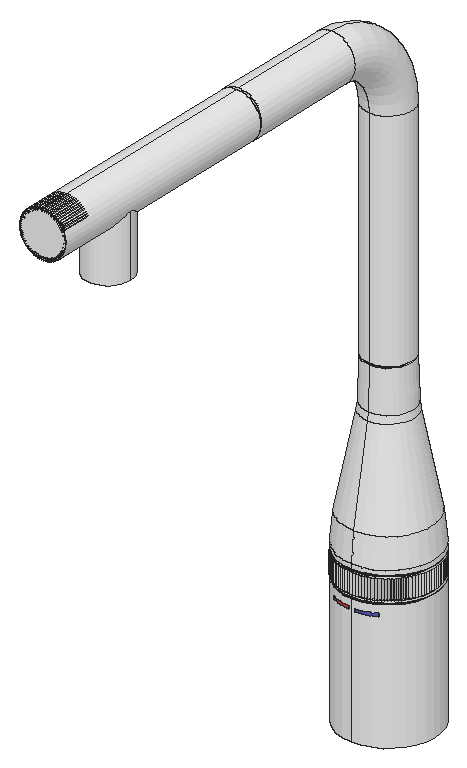
Revit family "xxxFaucet-Kitchen-Grohe-Essence_New-31616_Series", category Plumbing Fixtures, Revit 2019
Family settings
  Round Connector Dimension = Use Diameter
  Part Type = Normal
  OmniClass Number = 23.45.55.14
  OmniClass Title = Single Faucets
  Work Plane-Based = Yes
  Always vertical = No
  Cut with Voids When Loaded = No
  Shared = Yes
  Room Calculation Point = No
Parameters (values of type "31616000")
  Waste Connection = no
  WFU = 2
  Vent Connection = no
  URL = "https://www.grohe.us/"
  Tempered Water Connection Diameter = 3/8"
  Tempered Water Connection = yes
  Revised Date = "03/02/2022"
  Product Page URL = "https://www.grohe.us/Single-Hole-Pull-Out-Faucets/SmartControl-Pull-Out-Single-Spray-Kitchen-Faucet-175-GPM/GROHE-CHROME-31616000"
  Product Documentation Link = "https://americanstandard.box.com/shared/static/coadbt7qhsbrymx419qrn1u3vzcyir2x.pdf"
  Price = "Prices may vary. Please consult Manufacturer Representative for most up-to-date price list."  # constant formula
  Model = "31616000"
  Min Max. Operating Pressure = "7.25 psi - 145 psi"
  Max. Hot Water Temp. = "158 °F"
  Material = "Metal-Grohe-000-Starlight Chrome"
  Manufacturer = "Grohe"
  Length- Spout Reach = 7 13/16"
  Installation Type = "Deck-Mounted"
  Installation Instruction Link = "https://americanstandard.box.com/shared/static/sw0povo1oddw9tx6tvollq6vrgyrc0bi.jpg"
  Height- Spout = 12 3/8"
  Height = 14 7/16"
  HWFU = 1.5
  HW Connection = no
  Flow Rate = "1.75 gpm (6.6 L/min)"  # constant formula
  Finish = Metal-Grohe-000-Starlight Chrome
  Description = "SmartControl Pull-out Single Spray Kitchen Faucet 1.75 GPM"
  Default Elevation = 0"
  Creation Date = "03/10/2020"  # constant formula
  Compliance Certifications = "CEC Certified, Low Lead Certified, CALGreen Compliant, Energy Policy Act of 1992, NSF 61, NSF 372, CSA B125.1, ASME A112.18.1 & Complies with lead plumbing laws"
  CWFU = 1.5
  CW Connection = no
  Assembly Code = "D2020300"
Types (3): name | Model | Material | Finish
  (no name) | "31616000" | "Metal-Grohe-000-Starlight Chrome" | Metal-Grohe-000-Starlight Chrome
  31616000 | "31616000" | "Metal-Grohe-000-Starlight Chrome" | Metal-Grohe-000-Starlight Chrome
  31616DC0 | "31616DC0" | "Metal-Grohe-DC0-SuperSteel Infinity Finish" | Metal-Grohe-DC0-SuperSteel Infinity Finish
Reference planes (in)
  plane 1 "Center (Front/Back)": y = 0
  plane 2: z = 0
  plane 3 "Center (Left/Right)": x = 0
  plane 4: x = -0.94488
  plane 5: x = 0.94488
  plane 6: y = -7.8125
  plane 7: y = 1.03125
  plane 8: y = -1.03125
  plane 9: z = 12.375
  plane 10: z = 14.4375
Forms (in)
  Revolve 1, solid, material "Metal-Grohe-000-Starlight Chrome" <- "Finish"
    sketch origin (0, 0, 0) x (0, 1, 0) y (0, 0, 1)
      loop
        line (0, 0) -> (1.03125, 0) -> (1.03125, 2.86473) -> (0.99931, 2.86473) -> (0.99931, 2.89879) -> (1.03125, 2.89879) -> (1.03125, 2.94025) -> (0.679, 2.94025) -> (0.679, 3.39179) -> (1.03125, 3.39179) -> (1.03125, 3.42339) -> (0.99931, 3.42339) -> (0.99931, 3.45528) -> (1.03125, 3.45528) -> (1.03125, 3.5527)
        arc (1.03125, 3.5527) -> (1.01534, 3.87391) -> (0.96776, 4.19198) r 3.25
        line (0.96776, 4.19198) -> (0.56247, 6.21212)
        arc (0.56247, 6.21212) -> (0.54916, 6.29439) -> (0.54204, 6.37744) r 1.1114
        arc (0.54204, 6.37744) -> (0.5254, 6.83984) -> (0.51985, 7.3025) r 19.29288
        line (0.51985, 7.3025) -> (0.47358, 7.3025) -> (0.47358, 7.35375) -> (0, 7.35375) -> (0, 0)
      axis (0, 7.35375) -> (0, 0)
    angle from 0 to 360
  Sweep 2, solid, material "Metal-Grohe-000-Starlight Chrome" <- "Finish"
    path origin (0, 0, -0.11719) x (0, 1, 0) y (0, 0, 1)
      loop
        line (0, 7.45954) -> (0, 12.46035)
        arc (0, 12.46035) -> (-0.46125, 13.57391) -> (-1.5748, 14.03516) r 1.5748
        line (-1.5748, 14.03516) -> (-9.61932, 14.03516)
    profile origin (0, 0, 9.84276) x (0, -1, 0) y (1, 0, 0)
      loop
        circle (0, 0) r 0.51985
  Extrusion 3, solid, material "Metal-Grohe-000-Starlight Chrome" <- "Finish"
    sketch origin (0, 0, 0) x (1, 0, 0) y (0, 1, 0)
      loop
        circle (0, -7.8125) r 0.49586
    from 12.375 to 13.86818
  Extrusion 4, solid, material "Metal-Grohe-000-Starlight Chrome" <- "Finish"
    sketch origin (0, 0, -0.55368) x (1, 0, 0) y (0, 0, 1)
      loop
        line (-0.02298, 14.99118) -> (-0.0403, 14.92625) -> (-0.06877, 14.98712) -> (-0.08028, 14.92091) -> (-0.11402, 14.97903) -> (-0.11964, 14.91207) -> (-0.15838, 14.96697) -> (-0.15806, 14.89978) -> (-0.2015, 14.95105) -> (-0.19524, 14.88414) -> (-0.24304, 14.93138) -> (-0.2309, 14.86528) -> (-0.28268, 14.90811) -> (-0.26475, 14.84335) -> (-0.32012, 14.88143) -> (-0.29654, 14.81851) -> (-0.35505, 14.85155) -> (-0.326, 14.79096) -> (-0.3872, 14.81871) -> (-0.35292, 14.76091) -> (-0.41633, 14.78315) -> (-0.37707, 14.72861) -> (-0.4422, 14.74515) -> (-0.39828, 14.69429) -> (-0.46462, 14.70502) -> (-0.41637, 14.65824) -> (-0.4834, 14.66307) -> (-0.43121, 14.62073) -> (-0.4984, 14.61962) -> (-0.44268, 14.58206) -> (-0.50951, 14.57501) -> (-0.45069, 14.54252) -> (-0.51663, 14.5296) -> (-0.45517, 14.50243) -> (-0.51971, 14.48374) -> (-0.45609, 14.46211) -> (-0.51873, 14.43778) -> (-0.45345, 14.42185) -> (-0.5137, 14.39209) -> (-0.44726, 14.38199) -> (-0.50464, 14.34702) -> (-0.43758, 14.34284) -> (-0.49164, 14.30293) -> (-0.42447, 14.30469) -> (-0.44888, 14.2831) -> (-0.41637, 14.28544) -> (-0.46462, 14.23866) -> (-0.39828, 14.24938) -> (-0.4422, 14.19853) -> (-0.37707, 14.21507) -> (-0.41633, 14.16053) -> (-0.35292, 14.18276) -> (-0.3872, 14.12497) -> (-0.326, 14.15272) -> (-0.35505, 14.09212) -> (-0.29654, 14.12517) -> (-0.32012, 14.06224) -> (-0.26475, 14.10033) -> (-0.28268, 14.03557) -> (-0.2309, 14.07839) -> (-0.24304, 14.0123) -> (-0.19524, 14.05954) -> (-0.2015, 13.99263) -> (-0.15806, 14.0439) -> (-0.15838, 13.9767) -> (-0.11964, 14.03161) -> (-0.11402, 13.96465) -> (-0.08028, 14.02276) -> (-0.06877, 13.95656) -> (-0.0403, 14.01743) -> (-0.02298, 13.9525) -> (0, 14.01564) -> (0.02298, 13.9525) -> (0.0403, 14.01743) -> (0.06877, 13.95656) -> (0.08028, 14.02276) -> (0.11402, 13.96465) -> (0.11964, 14.03161) -> (0.15838, 13.9767) -> (0.15806, 14.0439) -> (0.2015, 13.99263) -> (0.19524, 14.05954) -> (0.24304, 14.0123) -> (0.2309, 14.07839) -> (0.28268, 14.03557) -> (0.26475, 14.10033) -> (0.32012, 14.06224) -> (0.29654, 14.12517) -> (0.35505, 14.09212) -> (0.326, 14.15272) -> (0.3872, 14.12497) -> (0.35292, 14.18276) -> (0.41633, 14.16053) -> (0.37707, 14.21507) -> (0.4422, 14.19853) -> (0.39828, 14.24938) -> (0.46462, 14.23866) -> (0.41637, 14.28544) -> (0.4834, 14.28061) -> (0.43121, 14.32295) -> (0.4984, 14.32406) -> (0.44268, 14.36162) -> (0.50951, 14.36867) -> (0.45069, 14.40116) -> (0.51663, 14.41408) -> (0.45517, 14.44124) -> (0.51971, 14.45994) -> (0.45609, 14.48157) -> (0.51873, 14.5059) -> (0.45345, 14.52182) -> (0.5137, 14.55159) -> (0.44726, 14.56168) -> (0.50464, 14.59665) -> (0.43758, 14.60084) -> (0.49164, 14.64074) -> (0.42447, 14.63899) -> (0.44888, 14.66058) -> (0.41637, 14.65824) -> (0.46462, 14.70502) -> (0.39828, 14.69429) -> (0.4422, 14.74515) -> (0.37707, 14.72861) -> (0.41633, 14.78315) -> (0.35292, 14.76091) -> (0.3872, 14.81871) -> (0.326, 14.79096) -> (0.35505, 14.85155) -> (0.29654, 14.81851) -> (0.32012, 14.88143) -> (0.26475, 14.84335) -> (0.28268, 14.90811) -> (0.2309, 14.86528) -> (0.24304, 14.93138) -> (0.19524, 14.88414) -> (0.2015, 14.95105) -> (0.15806, 14.89978) -> (0.15838, 14.96697) -> (0.11964, 14.91207) -> (0.11402, 14.97903) -> (0.08028, 14.92091) -> (0.06877, 14.98712) -> (0.0403, 14.92625) -> (0.02298, 14.99118) -> (0, 14.92803) -> (-0.02298, 14.99118)
    from 8.96818 to 9.62144
  Extrusion 5, solid, material "Metal-Grohe-000-Starlight Chrome" <- "Finish"
    sketch origin (0, 0, 0) x (1, 0, 0) y (0, 1, 0)
      loop
        line (-0.27303, 0.90788) -> (-0.32571, 0.97846) -> (-0.32558, 0.89039) -> (-0.38229, 0.95777) -> (-0.37702, 0.86986) -> (-0.43757, 0.93381) -> (-0.42717, 0.84636) -> (-0.49135, 0.90667) -> (-0.47586, 0.81997) -> (-0.54346, 0.87643) -> (-0.52293, 0.79079) -> (-0.59371, 0.8432) -> (-0.56822, 0.7589) -> (-0.64193, 0.80709) -> (-0.61156, 0.72443) -> (-0.68796, 0.76823) -> (-0.65282, 0.68748) -> (-0.73165, 0.72675) -> (-0.69185, 0.64818) -> (-0.77284, 0.68279) -> (-0.72852, 0.60668) -> (-0.81139, 0.63649) -> (-0.7627, 0.5631) -> (-0.84717, 0.58803) -> (-0.79428, 0.51761) -> (-0.86944, 0.53508) -> (-0.81997, 0.47586) -> (-0.90667, 0.49135) -> (-0.84636, 0.42717) -> (-0.93381, 0.43757) -> (-0.86986, 0.37702) -> (-0.95777, 0.38229) -> (-0.89039, 0.32558) -> (-0.97846, 0.32571) -> (-0.90788, 0.27303) -> (-0.99581, 0.26802) -> (-0.92228, 0.21955) -> (-1.00976, 0.20942) -> (-0.93352, 0.16532) -> (-1.02027, 0.1501) -> (-0.94159, 0.11053) -> (-1.02729, 0.09026) -> (-0.94643, 0.05536) -> (-1.03081, 0.03012) -> (-0.94805, 0) -> (-1.03081, -0.03012) -> (-0.94643, -0.05536) -> (-1.02729, -0.09026) -> (-0.94159, -0.11053) -> (-1.02027, -0.1501) -> (-0.93352, -0.16532) -> (-1.00976, -0.20942) -> (-0.92228, -0.21955) -> (-0.99581, -0.26802) -> (-0.90788, -0.27303) -> (-0.97846, -0.32571) -> (-0.89039, -0.32558) -> (-0.95777, -0.38229) -> (-0.86986, -0.37702) -> (-0.93381, -0.43757) -> (-0.84636, -0.42717) -> (-0.90667, -0.49135) -> (-0.81997, -0.47586) -> (-0.86944, -0.53508) -> (-0.79428, -0.51761) -> (-0.84717, -0.58803) -> (-0.7627, -0.5631) -> (-0.81139, -0.63649) -> (-0.72852, -0.60668) -> (-0.77284, -0.68279) -> (-0.69185, -0.64818) -> (-0.73165, -0.72675) -> (-0.65282, -0.68748) -> (-0.68796, -0.76823) -> (-0.61156, -0.72443) -> (-0.64193, -0.80709) -> (-0.56822, -0.7589) -> (-0.59371, -0.8432) -> (-0.52293, -0.79079) -> (-0.54346, -0.87643) -> (-0.47586, -0.81997) -> (-0.49135, -0.90667) -> (-0.42717, -0.84636) -> (-0.43757, -0.93381) -> (-0.37702, -0.86986) -> (-0.38229, -0.95777) -> (-0.32558, -0.89039) -> (-0.32571, -0.97846) -> (-0.27303, -0.90788) -> (-0.26802, -0.99581) -> (-0.21955, -0.92228) -> (-0.20942, -1.00976) -> (-0.16532, -0.93352) -> (-0.1501, -1.02027) -> (-0.11053, -0.94159) -> (-0.09026, -1.02729) -> (-0.05536, -0.94643) -> (-0.03012, -1.03081) -> (0, -0.94805) -> (0.03012, -1.03081) -> (0.05536, -0.94643) -> (0.09026, -1.02729) -> (0.11053, -0.94159) -> (0.1501, -1.02027) -> (0.16532, -0.93352) -> (0.20942, -1.00976) -> (0.21955, -0.92228) -> (0.26802, -0.99581) -> (0.27303, -0.90788) -> (0.32571, -0.97846) -> (0.32558, -0.89039) -> (0.38229, -0.95777) -> (0.37702, -0.86986) -> (0.43757, -0.93381) -> (0.42717, -0.84636) -> (0.49135, -0.90667) -> (0.47586, -0.81997) -> (0.54346, -0.87643) -> (0.52293, -0.79079) -> (0.59371, -0.8432) -> (0.56822, -0.7589) -> (0.64193, -0.80709) -> (0.61156, -0.72443) -> (0.68796, -0.76823) -> (0.65282, -0.68748) -> (0.73165, -0.72675) -> (0.69185, -0.64818) -> (0.77284, -0.68279) -> (0.72852, -0.60668) -> (0.81139, -0.63649) -> (0.7627, -0.5631) -> (0.84717, -0.58803) -> (0.79428, -0.51761) -> (0.86944, -0.53508) -> (0.81997, -0.47586) -> (0.90667, -0.49135) -> (0.84636, -0.42717) -> (0.93381, -0.43757) -> (0.86986, -0.37702) -> (0.95777, -0.38229) -> (0.89039, -0.32558) -> (0.97846, -0.32571) -> (0.90788, -0.27303) -> (0.99581, -0.26802) -> (0.92228, -0.21955) -> (1.00976, -0.20942) -> (0.93352, -0.16532) -> (1.02027, -0.1501) -> (0.94159, -0.11053) -> (1.02729, -0.09026) -> (0.94643, -0.05536) -> (1.03081, -0.03012) -> (0.94805, 0) -> (1.03081, 0.03012) -> (0.94643, 0.05536) -> (1.02729, 0.09026) -> (0.94159, 0.11053) -> (1.02027, 0.1501) -> (0.93352, 0.16532) -> (1.00976, 0.20942) -> (0.92228, 0.21955) -> (0.99581, 0.26802) -> (0.90788, 0.27303) -> (0.97846, 0.32571) -> (0.89039, 0.32558) -> (0.95777, 0.38229) -> (0.86986, 0.37702) -> (0.93381, 0.43757) -> (0.84636, 0.42717) -> (0.90667, 0.49135) -> (0.81997, 0.47586) -> (0.86944, 0.53508) -> (0.79428, 0.51761) -> (0.84717, 0.58803) -> (0.7627, 0.5631) -> (0.81139, 0.63649) -> (0.72852, 0.60668) -> (0.77284, 0.68279) -> (0.69185, 0.64818) -> (0.73165, 0.72675) -> (0.65282, 0.68748) -> (0.68796, 0.76823) -> (0.61156, 0.72443) -> (0.64193, 0.80709) -> (0.56822, 0.7589) -> (0.59371, 0.8432) -> (0.52293, 0.79079) -> (0.54346, 0.87643) -> (0.47586, 0.81997) -> (0.49135, 0.90667) -> (0.42717, 0.84636) -> (0.43757, 0.93381) -> (0.37702, 0.86986) -> (0.38229, 0.95777) -> (0.32558, 0.89039) -> (0.32571, 0.97846) -> (0.27303, 0.90788) -> (0.26802, 0.99581) -> (0.21955, 0.92228) -> (0.20942, 1.00976) -> (0.16532, 0.93352) -> (0.1501, 1.02027) -> (0.11053, 0.94159) -> (0.09026, 1.02729) -> (0.05536, 0.94643) -> (0.03012, 1.03081) -> (0, 0.94805) -> (-0.03012, 1.03081) -> (-0.05536, 0.94643) -> (-0.09026, 1.02729) -> (-0.11053, 0.94159) -> (-0.1501, 1.02027) -> (-0.16532, 0.93352) -> (-0.20942, 1.00976) -> (-0.21955, 0.92228) -> (-0.26802, 0.99581) -> (-0.27303, 0.90788)
    from 2.94025 to 3.39179
  Extrusion 6, void
    sketch origin (0, 0, 0) x (1, 0, 0) y (0, 1, 0)
      loop
        circle (0, 0) r 0.1875
    from 0 to 1.254
  Extrusion 7, void
    sketch origin (0, 0, 0) x (1, 0, 0) y (0, 0, 1)
      loop
        line (-0.0625, 2.62896) -> (-0.0625, 2.69146) -> (-0.5, 2.69146) -> (-0.5, 2.62896) -> (-0.0625, 2.62896)
      loop
        line (0.0625, 2.62896) -> (0.5, 2.62896) -> (0.5, 2.69146) -> (0.0625, 2.69146) -> (0.0625, 2.62896)
    from 0.7291 to 1.07519
  Extrusion 8, solid, material "Plastic-Grohe-Red"
    sketch origin (0, 0, 2.62896) x (-1, 0, 0) y (0, -1, 0)
      loop
        arc (0.5, 0.90193) -> (0.28838, 0.99011) -> (0.0625, 1.02935) r 1.03125
        line (0.0625, 1.02935) -> (0.0625, 0.90409)
        arc (0.0625, 0.90409) -> (0.29085, 0.85831) -> (0.5, 0.75584) r 0.90625
        line (0.5, 0.75584) -> (0.5, 0.90193)
    from 0 to 0.0625
  Extrusion 9, solid, material "Plastic-Grohe-Blue"
    sketch origin (0, 0, 2.62896) x (1, 0, 0) y (0, 1, 0)
      loop
        line (0.5, -0.90193) -> (0.5, -0.75584)
        arc (0.5, -0.75584) -> (0.29085, -0.85831) -> (0.0625, -0.90409) r 0.90625
        line (0.0625, -0.90409) -> (0.0625, -1.02935)
        arc (0.0625, -1.02935) -> (0.28838, -0.99011) -> (0.5, -0.90193) r 1.03125
    from 0 to 0.0625
  Sweep 10, void
    path in 3D
      loop
        arc (0, -9.69668, 14.43782) -> (0.51985, -9.69668, 13.91797) -> (0, -9.69668, 13.39812) r 0.51985
        arc (0, -9.69668, 13.39812) -> (-0.51985, -9.69668, 13.91797) -> (0, -9.69668, 14.43782) r 0.51985
    profile origin (-0.51985, -9.69668, 13.91797) x (-1, 0, 0) y (0, -1, 0)
      loop
        line (0.06611, -5.53266) -> (0.06611, -5.47016) -> (-0.06758, -5.47016) -> (-0.06758, -5.53266) -> (0.06611, -5.53266)
Cuts and joins
  Extrusion 6, Extrusion 7, Sweep 10 cuts Revolve 1
  Extrusion 6, Extrusion 7, Sweep 10 cuts Sweep 2
  Extrusion 6, Extrusion 7, Sweep 10 cuts Extrusion 3
  joined: Revolve 1, Sweep 2, Extrusion 3
  Extrusion 6 cuts Extrusion 5
Lines and regions (in)
  Masking region 1
    outline origin (0, 0, 0) x (1, 0, 0) y (0, 1, 0)
      loop
        line (-0.51985, -9.61932) -> (0.51985, -9.61932) -> (0.51985, -8.94519) -> (0.4862, -8.94519) -> (0.4862, -8.81631) -> (0.51985, -8.81631) -> (0.51985, -4.22652) -> (0.48352, -4.22652) -> (0.48352, -4.16402) -> (0.51985, -4.16402) -> (0.51985, -0.89064)
        arc (0.51985, -0.89064) -> (0, 1.03125) -> (-0.51985, -0.89064) r 1.03125
        line (-0.51985, -0.89064) -> (-0.51985, -4.16402) -> (-0.48352, -4.16402) -> (-0.48352, -4.22652) -> (-0.51985, -4.22652) -> (-0.51985, -8.81631) -> (-0.4862, -8.81631) -> (-0.4862, -8.94519) -> (-0.51985, -8.94519) -> (-0.51985, -9.61932)
  symbolic lines, detail levels medium+fine
    curve 1: arc (0.51985, 0, 0) -> (0, 0.51985, 0) -> (-0.51985, 0, 0) r 0.51985
    curve 2: line (-0.51985, -1.06055, 0) -> (-0.51985, 0, 0)
    curve 3: line (0.51985, -1.06055, 0) -> (0.51985, 0, 0)
  symbolic lines, detail levels fine
    curve 4: line (-0.48352, -4.16402, 0) -> (0.48352, -4.16402, 0)
    curve 5: line (-0.48352, -4.22652, 0) -> (0.48352, -4.22652, 0)
    curve 6: line (-0.4862, -8.81631, 0) -> (0.4862, -8.81631, 0)
    curve 7: line (-0.48719, -8.94519, 0) -> (0.48719, -8.94519, 0)
    curve 8: line (-0.02298, -8.94519, 0) -> (-0.02298, -9.61932, 0)
    curve 9: line (-0.06877, -8.94519, 0) -> (-0.06877, -9.61932, 0)
    curve 10: line (-0.11456, -8.94519, 0) -> (-0.11456, -9.61932, 0)
    curve 11: line (-0.16034, -8.94519, 0) -> (-0.16034, -9.61932, 0)
    curve 12: line (-0.20856, -8.94519, 0) -> (-0.20856, -9.61932, 0)
    curve 13: line (-0.25435, -8.94519, 0) -> (-0.25435, -9.61932, 0)
    curve 14: line (-0.30013, -8.94519, 0) -> (-0.30013, -9.61932, 0)
    curve 15: line (-0.34592, -8.94519, 0) -> (-0.34592, -9.61932, 0)
    curve 16: line (-0.39171, -8.94519, 0) -> (-0.39171, -9.61932, 0)
    curve 17: line (-0.48719, -8.94519, 0) -> (-0.48719, -9.61932, 0)
    curve 18: line (-0.4427, -8.94519, 0) -> (-0.4427, -9.61932, 0)
    curve 19: line (0.02298, -8.94519, 0) -> (0.02298, -9.61932, 0)
    curve 20: line (0.06877, -8.94519, 0) -> (0.06877, -9.61932, 0)
    curve 21: line (0.11456, -8.94519, 0) -> (0.11456, -9.61932, 0)
    curve 22: line (0.16034, -8.94519, 0) -> (0.16034, -9.61932, 0)
    curve 23: line (0.20856, -8.94519, 0) -> (0.20856, -9.61932, 0)
    curve 24: line (0.25435, -8.94519, 0) -> (0.25435, -9.61932, 0)
    curve 25: line (0.30013, -8.94519, 0) -> (0.30013, -9.61932, 0)
    curve 26: line (0.34592, -8.94519, 0) -> (0.34592, -9.61932, 0)
    curve 27: line (0.39171, -8.94519, 0) -> (0.39171, -9.61932, 0)
    curve 28: line (0.48719, -8.94519, 0) -> (0.48719, -9.61932, 0)
    curve 29: line (0.4422, -8.94519, 0) -> (0.4422, -9.61932, 0)
    curve 30: arc (0.51985, -0.71005, 0) -> (0, 0.88001, 0) -> (-0.51985, -0.71005, 0) r 0.88001
  sketch lines
    curve 31: circle (0, -9.69668, 13.91797) r 0.51985 normal (0, 1, 0)
Dimensions and locks (in)
  equal spacing: plane 5, plane 3 "Center (Left/Right)", plane 4
  plane 5 to plane 4 = 1.88976"
  "Length- Spout Reach": plane 1 "Center (Front/Back)" to plane 6
  equal spacing: plane 7, plane 1 "Center (Front/Back)", plane 8
  plane 7 to plane 8 = 2 1/16"
  "Height": plane 10 to level
  "Height- Spout": cut or joined group of Revolve 1, Sweep 2, Extrusion 3, Extrusion 6, Extrusion 7, Sweep 10 to level
  "Tempered Water Connection Diameter": diameter of Extrusion 6 sketch curve
Automatic sketch dimensions
  curve 1 to curve 30 = 0"  (x2)
  plane 1 "Center (Front/Back)" to curve 2 = 0"
  curve 1 to plane 3 "Center (Left/Right)" = 0"
  plane 4 to curve 7 = 0.4577"
  plane 4 to curve 2 = 0.42503"
  plane 5 to curve 28 = 0.4577"
  plane 6 to curve 28 = 1.13269"
  curve 8 to plane 3 "Center (Left/Right)" = 0.02298"
  curve 9 to curve 8 = 0.04579"
  curve 10 to curve 9 = 0.04579"
  curve 11 to curve 10 = 0.04579"
  curve 12 to curve 11 = 0.04822"
  curve 13 to curve 12 = 0.04579"
  curve 14 to curve 13 = 0.04579"
  curve 15 to curve 14 = 0.04579"
  curve 16 to curve 15 = 0.04579"
  curve 7 to curve 18 = 0.04448"
  plane 4 to curve 4 = 0.46137"
  curve 5 to curve 4 = 0"  (x2)
  curve 7 to curve 6 = 0.00098"
  plane 3 "Center (Left/Right)" to curve 19 = 0.02298"
  curve 19 to curve 20 = 0.04579"
  curve 20 to curve 21 = 0.04579"
  curve 21 to curve 22 = 0.04579"
  curve 22 to curve 23 = 0.04822"
  curve 23 to curve 24 = 0.04579"
  curve 24 to curve 25 = 0.04579"
  curve 25 to curve 26 = 0.04579"
  curve 26 to curve 27 = 0.04579"
  curve 29 to curve 28 = 0.04498"
  plane 5 to curve 4 = 0.46137"
  curve 6 to curve 7 = 0.00098"
  curve 30 to plane 8 = 0.3212"
  plane 8 to curve 3 = 0.0293"
  plane 8 to curve 2 = 0.0293"
  curve 4 to curve 2 = 3.10347"
  curve 5 to curve 4 = 1/16"
  curve 7 to curve 6 = 0.12888"
  curve 22 to curve 22 = 0.67413"
  curve 10 to curve 22 = 0"
  curve 11 to curve 10 = 0"
  curve 10 to curve 9 = 0"
  curve 12 to curve 11 = 0"
  curve 9 to curve 8 = 0"
  curve 13 to curve 12 = 0"
  curve 15 to curve 13 = 0"
  curve 16 to curve 15 = 0"
  curve 22 to curve 23 = 0"
  curve 17 to curve 16 = 0"
  curve 23 to curve 24 = 0"
  curve 17 to curve 18 = 0"
  curve 24 to curve 25 = 0"
  curve 8 to curve 19 = 0"
  curve 25 to curve 28 = 0"
  curve 25 to curve 26 = 0"
  curve 19 to curve 20 = 0"
  curve 20 to curve 21 = 0"
  curve 29 to curve 28 = 0"
  curve 26 to curve 27 = 0"
  curve 14 to curve 13 = 0"
  Revolve 1 sketch curve to level = 0"
  Revolve 1 sketch curve to plane 1 "Center (Front/Back)" = 0"  (x2)
  Revolve 1 sketch curve to plane 7 = 0"  (x4)
  plane 8 to Revolve 1 sketch curve = 1 3/16"
  Revolve 1 sketch curve to plane 1 "Center (Front/Back)" = 0.47358"
  Revolve 1 sketch curve to Revolve 1 sketch curve = 0.04627"
  Revolve 1 sketch curve to plane 7 = 0.46878"
  Revolve 1 sketch curve to Revolve 1 sketch curve = 0.35225"
  Revolve 1 sketch curve to plane 7 = 0.06349"
  Revolve 1 sketch curve to plane 7 = 0.03194"  (x2)
  plane 7 to Revolve 1 sketch curve = 0.62091"
  Revolve 1 sketch curve to plane 9 = 5.0725"
  Revolve 1 sketch curve to Revolve 1 sketch curve = 18.16056"
  level to Revolve 1 sketch curve = 2.86473"
  Revolve 1 sketch curve to Revolve 1 sketch curve = 0.03406"
  Revolve 1 sketch curve to Revolve 1 sketch curve = 0.04146"
  Revolve 1 sketch curve to Revolve 1 sketch curve = 0.45154"
  Revolve 1 sketch curve to Revolve 1 sketch curve = 0.0316"
  Revolve 1 sketch curve to Revolve 1 sketch curve = 0.03189"
  Revolve 1 sketch curve to Revolve 1 sketch curve = 0.09743"
  Revolve 1 sketch curve to Revolve 1 sketch curve = 1.09038"
  Revolve 1 sketch curve to Revolve 1 sketch curve = 0.21861"
  Revolve 1 sketch curve to Revolve 1 sketch curve = 0.05125"
  Revolve 1 sketch curve to Revolve 1 sketch curve = 0.4444"
  Revolve 1 sketch curve to Revolve 1 sketch curve = 0.59148"
  Sweep 2 sketch curve to plane 1 "Center (Front/Back)" = 0"
  plane 8 to Sweep 2 sketch curve = 0.54355"
  Sweep 2 sketch curve to plane 9 = 0.03183"
  plane 6 to Sweep 2 sketch curve = 1.80682"
  Sweep 2 sketch curve to Sweep 2 sketch curve = 5.00082"
  Sweep 2 sketch curve to plane 3 "Center (Left/Right)" = 0"
  Sweep 2 sketch curve to profile plane = 0"
  Extrusion 3 sketch curve to plane 3 "Center (Left/Right)" = 0"
  plane 6 to Extrusion 3 sketch curve = 0"
  Extrusion 4 sketch curve to plane 10 = 0"  (x2)
  Extrusion 4 sketch curve to plane 3 "Center (Left/Right)" = 0"  (x2)
  Extrusion 4 sketch curve to plane 3 "Center (Left/Right)" = 0.02298"  (x2)
  Extrusion 4 sketch curve to plane 3 "Center (Left/Right)" = 0.0403"  (x2)
  Extrusion 4 sketch curve to plane 10 = 0.00406"  (x2)
  Extrusion 4 sketch curve to Extrusion 4 sketch curve = 0.04579"  (x4)
  Extrusion 4 sketch curve to Extrusion 4 sketch curve = 0.03998"  (x4)
  Extrusion 4 sketch curve to Extrusion 4 sketch curve = 0.04525"  (x4)
  Extrusion 4 sketch curve to plane 10 = 0.01215"  (x2)
  Extrusion 4 sketch curve to Extrusion 4 sketch curve = 0.03936"  (x4)
  Extrusion 4 sketch curve to Extrusion 4 sketch curve = 0.03842"  (x4)
  Extrusion 4 sketch curve to Extrusion 4 sketch curve = 0.04436"  (x4)
  Extrusion 4 sketch curve to plane 10 = 0.0242"  (x2)
  Extrusion 4 sketch curve to Extrusion 4 sketch curve = 0.03718"  (x4)
  Extrusion 4 sketch curve to plane 10 = 0.04013"  (x2)
  Extrusion 4 sketch curve to Extrusion 4 sketch curve = 0.04312"  (x4)
  Extrusion 4 sketch curve to Extrusion 4 sketch curve = 0.03566"  (x4)
  Extrusion 4 sketch curve to Extrusion 4 sketch curve = 0.04154"  (x4)
  Extrusion 4 sketch curve to plane 10 = 0.0598"  (x2)
  Extrusion 4 sketch curve to Extrusion 4 sketch curve = 0.03385"  (x4)
  Extrusion 4 sketch curve to plane 10 = 0.08307"  (x2)
  Extrusion 4 sketch curve to Extrusion 4 sketch curve = 0.03964"  (x4)
  Extrusion 4 sketch curve to Extrusion 4 sketch curve = 0.03178"  (x4)
  Extrusion 4 sketch curve to Extrusion 4 sketch curve = 0.03743"  (x4)
  Extrusion 4 sketch curve to plane 10 = 0.10975"  (x2)
  Extrusion 4 sketch curve to Extrusion 4 sketch curve = 0.02946"  (x4)
  Extrusion 4 sketch curve to Extrusion 4 sketch curve = 0.02692"  (x4)
  Extrusion 4 sketch curve to plane 10 = 0.13963"  (x2)
  Extrusion 4 sketch curve to Extrusion 4 sketch curve = 0.03493"  (x4)
  Extrusion 4 sketch curve to Extrusion 4 sketch curve = 0.02416"  (x4)
  Extrusion 4 sketch curve to plane 10 = 0.17247"  (x2)
  Extrusion 4 sketch curve to Extrusion 4 sketch curve = 0.03215"  (x4)
  Extrusion 4 sketch curve to Extrusion 4 sketch curve = 0.02121"  (x4)
  Extrusion 4 sketch curve to plane 10 = 0.20803"  (x2)
  Extrusion 4 sketch curve to Extrusion 4 sketch curve = 0.02913"  (x4)
  Extrusion 4 sketch curve to Extrusion 4 sketch curve = 0.01809"  (x4)
  Extrusion 4 sketch curve to Extrusion 4 sketch curve = 0.00809"  (x4)
  Extrusion 4 sketch curve to Extrusion 4 sketch curve = 0.01484"  (x2)
  Extrusion 4 sketch curve to Extrusion 4 sketch curve = 0.01311"  (x2)
  Extrusion 4 sketch curve to Extrusion 4 sketch curve = 0.02587"  (x4)
  Extrusion 4 sketch curve to Extrusion 4 sketch curve = 0.01147"  (x2)
  Extrusion 4 sketch curve to Extrusion 4 sketch curve = 0.00969"  (x2)
  Extrusion 4 sketch curve to Extrusion 4 sketch curve = 0.0325"  (x2)
  Extrusion 4 sketch curve to Extrusion 4 sketch curve = 0.00801"  (x2)
  Extrusion 4 sketch curve to Extrusion 4 sketch curve = 0.00619"  (x2)
  Extrusion 4 sketch curve to Extrusion 4 sketch curve = 0.00448"  (x2)
  Extrusion 4 sketch curve to Extrusion 4 sketch curve = 0.00092"  (x2)
  Extrusion 4 sketch curve to Extrusion 4 sketch curve = 0.02241"  (x4)
  Extrusion 4 sketch curve to Extrusion 4 sketch curve = 0.01878"  (x2)
  Extrusion 4 sketch curve to Extrusion 4 sketch curve = 0.04277"  (x2)
  Extrusion 4 sketch curve to Extrusion 4 sketch curve = 0.015"  (x2)
  Extrusion 4 sketch curve to Extrusion 4 sketch curve = 0.013"  (x2)
  Extrusion 4 sketch curve to Extrusion 4 sketch curve = 0.01111"  (x2)
  Extrusion 4 sketch curve to Extrusion 4 sketch curve = 0.00905"  (x2)
  Extrusion 4 sketch curve to Extrusion 4 sketch curve = 0.00712"  (x2)
  Extrusion 4 sketch curve to Extrusion 4 sketch curve = 0.00504"  (x2)
  Extrusion 4 sketch curve to Extrusion 4 sketch curve = 0.00098"
  plane 3 "Center (Left/Right)" to Extrusion 4 sketch curve = 0.02298"  (x2)
  plane 3 "Center (Left/Right)" to Extrusion 4 sketch curve = 0.0403"  (x2)
  Extrusion 4 sketch curve to Extrusion 4 sketch curve = 0.00308"
  Extrusion 4 sketch curve to Extrusion 4 sketch curve = 0.02223"  (x2)
  Extrusion 4 sketch curve to Extrusion 4 sketch curve = 0.03799"  (x4)
  Extrusion 4 sketch curve to Extrusion 4 sketch curve = 0.03231"  (x4)
  Extrusion 4 sketch curve to Extrusion 4 sketch curve = 0.04013"  (x4)
  Extrusion 4 sketch curve to Extrusion 4 sketch curve = 0.03431"  (x4)
  Extrusion 4 sketch curve to Extrusion 4 sketch curve = 0.04195"  (x2)
  Extrusion 4 sketch curve to Extrusion 4 sketch curve = 0.04444"  (x2)
  Extrusion 4 sketch curve to Extrusion 4 sketch curve = 0.03605"  (x3)
  Extrusion 4 sketch curve to Extrusion 4 sketch curve = 0.00234"  (x2)
  Extrusion 4 sketch curve to Extrusion 4 sketch curve = 0.01984"
  Extrusion 4 sketch curve to Extrusion 4 sketch curve = 0.01925"  (x2)
  Extrusion 4 sketch curve to Extrusion 4 sketch curve = 0.03751"  (x2)
  Extrusion 4 sketch curve to Extrusion 4 sketch curve = 0.04345"  (x2)
  Extrusion 4 sketch curve to Extrusion 4 sketch curve = 0.03815"  (x2)
  Extrusion 4 sketch curve to Extrusion 4 sketch curve = 0.04409"  (x2)
  Extrusion 4 sketch curve to Extrusion 4 sketch curve = 0.03867"  (x2)
  Extrusion 4 sketch curve to Extrusion 4 sketch curve = 0.0446"  (x2)
  Extrusion 4 sketch curve to Extrusion 4 sketch curve = 0.03916"  (x2)
  Extrusion 4 sketch curve to Extrusion 4 sketch curve = 0.04507"  (x2)
  Extrusion 4 sketch curve to Extrusion 4 sketch curve = 0.03954"  (x2)
  Extrusion 4 sketch curve to Extrusion 4 sketch curve = 0.04541"  (x2)
  Extrusion 4 sketch curve to Extrusion 4 sketch curve = 0.03986"  (x2)
  Extrusion 4 sketch curve to Extrusion 4 sketch curve = 0.04569"  (x2)
  Extrusion 4 sketch curve to Extrusion 4 sketch curve = 0.04009"  (x2)
  Extrusion 4 sketch curve to Extrusion 4 sketch curve = 0.04586"  (x2)
  Extrusion 4 sketch curve to Extrusion 4 sketch curve = 0.04025"  (x2)
  Extrusion 4 sketch curve to Extrusion 4 sketch curve = 0.04033"  (x2)
  Extrusion 4 sketch curve to Extrusion 4 sketch curve = 0.04596"  (x2)
  Extrusion 4 sketch curve to Extrusion 4 sketch curve = 0.03005"  (x4)
  Extrusion 4 sketch curve to Extrusion 4 sketch curve = 0.02755"  (x4)
  Extrusion 4 sketch curve to Extrusion 4 sketch curve = 0.03556"  (x2)
  Extrusion 4 sketch curve to Extrusion 4 sketch curve = 0.02484"  (x4)
  Extrusion 4 sketch curve to Extrusion 4 sketch curve = 0.03285"  (x2)
  Extrusion 4 sketch curve to Extrusion 4 sketch curve = 0.02194"  (x4)
  Extrusion 4 sketch curve to Extrusion 4 sketch curve = 0.02988"  (x2)
  Extrusion 4 sketch curve to Extrusion 4 sketch curve = 0.01886"  (x4)
  Extrusion 4 sketch curve to Extrusion 4 sketch curve = 1/64"  (x4)
  Extrusion 4 sketch curve to Extrusion 4 sketch curve = 0.02668"  (x2)
  Extrusion 4 sketch curve to Extrusion 4 sketch curve = 0.01229"  (x4)
  Extrusion 4 sketch curve to Extrusion 4 sketch curve = 0.00885"  (x4)
  Extrusion 4 sketch curve to Extrusion 4 sketch curve = 0.00534"  (x4)
  Extrusion 4 sketch curve to Extrusion 4 sketch curve = 0.00178"  (x2)
  Extrusion 4 sketch curve to Extrusion 4 sketch curve = 0.02327"  (x2)
  Extrusion 4 sketch curve to Extrusion 4 sketch curve = 0.01967"  (x2)
  Extrusion 4 sketch curve to Extrusion 4 sketch curve = 0.01593"  (x2)
  Extrusion 4 sketch curve to Extrusion 4 sketch curve = 0.01205"  (x2)
  Extrusion 4 sketch curve to Extrusion 4 sketch curve = 0.00406"
  Extrusion 4 sketch curve to Extrusion 4 sketch curve = 0"
  plane 1 "Center (Front/Back)" to Masking region 1 sketch curve = 0"
  Masking region 1 sketch curve to plane 3 "Center (Left/Right)" = 0"
  plane 4 to Masking region 1 sketch curve = 0.46137"
  plane 4 to Masking region 1 sketch curve = 0.45868"
  Masking region 1 sketch curve to Masking region 1 sketch curve = 0.03633"  (x4)
  plane 4 to Masking region 1 sketch curve = 0.42503"
  plane 5 to Masking region 1 sketch curve = 0.46137"
  plane 5 to Masking region 1 sketch curve = 0.45868"
  Masking region 1 sketch curve to Masking region 1 sketch curve = 0.03365"
  Masking region 1 sketch curve to plane 8 = 9/64"
  plane 8 to Masking region 1 sketch curve = 3.13277"
  Masking region 1 sketch curve to Masking region 1 sketch curve = 0"
  Masking region 1 sketch curve to Masking region 1 sketch curve = 1/16"  (x2)
  plane 6 to Masking region 1 sketch curve = 1.00381"  (x2)
  Masking region 1 sketch curve to Masking region 1 sketch curve = 0.12888"  (x2)
  Masking region 1 sketch curve to Masking region 1 sketch curve = 0.67413"
  plane 1 "Center (Front/Back)" to Extrusion 5 sketch curve = 0"  (x2)
  Extrusion 5 sketch curve to plane 3 "Center (Left/Right)" = 0"  (x2)
  Extrusion 5 sketch curve to plane 8 = 0.00044"  (x2)
  Extrusion 5 sketch curve to plane 3 "Center (Left/Right)" = 0.03012"  (x2)
  Extrusion 5 sketch curve to plane 7 = 0.00044"  (x2)
  Extrusion 5 sketch curve to plane 3 "Center (Left/Right)" = 0.05536"  (x2)
  Extrusion 5 sketch curve to plane 8 = 0.00396"  (x2)
  Extrusion 5 sketch curve to Extrusion 5 sketch curve = 0.06014"  (x7)
  Extrusion 5 sketch curve to plane 7 = 0.00396"  (x2)
  Extrusion 5 sketch curve to Extrusion 5 sketch curve = 0.05517"  (x6)
  Extrusion 5 sketch curve to plane 8 = 0.01098"  (x2)
  Extrusion 5 sketch curve to Extrusion 5 sketch curve = 0.05983"  (x7)
  Extrusion 5 sketch curve to plane 7 = 0.01098"  (x2)
  Extrusion 5 sketch curve to Extrusion 5 sketch curve = 0.05479"  (x8)
  Extrusion 5 sketch curve to plane 8 = 0.02149"  (x2)
  Extrusion 5 sketch curve to Extrusion 5 sketch curve = 0.05932"  (x8)
  Extrusion 5 sketch curve to plane 7 = 0.02149"  (x2)
  Extrusion 5 sketch curve to plane 8 = 0.10897"  (x2)
  Extrusion 5 sketch curve to Extrusion 5 sketch curve = 0.05423"  (x8)
  Extrusion 5 sketch curve to plane 7 = 0.10897"  (x2)
  Extrusion 5 sketch curve to plane 8 = 0.03544"  (x2)
  Extrusion 5 sketch curve to Extrusion 5 sketch curve = 15/256"  (x8)
  Extrusion 5 sketch curve to plane 7 = 0.03544"  (x2)
  Extrusion 5 sketch curve to plane 7 = 0.12337"  (x2)
  Extrusion 5 sketch curve to Extrusion 5 sketch curve = 0.05348"  (x8)
  Extrusion 5 sketch curve to plane 8 = 0.12337"  (x2)
  Extrusion 5 sketch curve to plane 7 = 0.14086"  (x2)
  Extrusion 5 sketch curve to Extrusion 5 sketch curve = 0.05255"  (x8)
  Extrusion 5 sketch curve to plane 8 = 0.14086"  (x2)
  Extrusion 5 sketch curve to plane 8 = 0.05279"  (x2)
  Extrusion 5 sketch curve to Extrusion 5 sketch curve = 0.05769"  (x8)
  Extrusion 5 sketch curve to plane 7 = 0.05279"  (x2)
  Extrusion 5 sketch curve to plane 8 = 0.16139"  (x2)
  Extrusion 5 sketch curve to Extrusion 5 sketch curve = 0.05144"  (x8)
  Extrusion 5 sketch curve to plane 7 = 0.16139"  (x2)
  Extrusion 5 sketch curve to plane 8 = 0.07348"  (x2)
  Extrusion 5 sketch curve to Extrusion 5 sketch curve = 0.05658"  (x8)
  Extrusion 5 sketch curve to plane 7 = 0.07348"  (x2)
  Extrusion 5 sketch curve to plane 8 = 0.18489"  (x2)
  Extrusion 5 sketch curve to Extrusion 5 sketch curve = 0.05015"  (x8)
  Extrusion 5 sketch curve to plane 7 = 0.18489"  (x2)
  Extrusion 5 sketch curve to plane 8 = 0.09744"  (x2)
  Extrusion 5 sketch curve to Extrusion 5 sketch curve = 0.05528"  (x8)
  Extrusion 5 sketch curve to plane 7 = 0.09744"  (x2)
  Extrusion 5 sketch curve to plane 7 = 0.21128"  (x2)
  Extrusion 5 sketch curve to Extrusion 5 sketch curve = 0.04869"  (x8)
  Extrusion 5 sketch curve to plane 8 = 0.21128"  (x2)
  Extrusion 5 sketch curve to plane 8 = 0.12458"  (x2)
  Extrusion 5 sketch curve to Extrusion 5 sketch curve = 0.05378"  (x8)
  Extrusion 5 sketch curve to plane 7 = 0.12458"  (x2)
  Extrusion 5 sketch curve to Extrusion 5 sketch curve = 0.04707"  (x4)
  Extrusion 5 sketch curve to plane 8 = 0.15482"  (x2)
  Extrusion 5 sketch curve to Extrusion 5 sketch curve = 0.05211"  (x4)
  Extrusion 5 sketch curve to plane 7 = 0.15482"  (x2)
  Extrusion 5 sketch curve to Extrusion 5 sketch curve = 0.04528"  (x4)
  Extrusion 5 sketch curve to Extrusion 5 sketch curve = 0.05025"  (x4)
  Extrusion 5 sketch curve to Extrusion 5 sketch curve = 0.04335"  (x4)
  Extrusion 5 sketch curve to Extrusion 5 sketch curve = 0.04822"  (x4)
  Extrusion 5 sketch curve to Extrusion 5 sketch curve = 0.04126"  (x4)
  Extrusion 5 sketch curve to Extrusion 5 sketch curve = 0.04603"  (x4)
  Extrusion 5 sketch curve to Extrusion 5 sketch curve = 0.03903"  (x4)
  Extrusion 5 sketch curve to Extrusion 5 sketch curve = 0.03667"  (x4)
  Extrusion 5 sketch curve to Extrusion 5 sketch curve = 0.04369"  (x4)
  Extrusion 5 sketch curve to Extrusion 5 sketch curve = 0.03418"  (x4)
  Extrusion 5 sketch curve to Extrusion 5 sketch curve = 0.04119"  (x4)
  Extrusion 5 sketch curve to Extrusion 5 sketch curve = 0.03158"  (x4)
  Extrusion 5 sketch curve to Extrusion 5 sketch curve = 0.03855"  (x4)
  Extrusion 5 sketch curve to Extrusion 5 sketch curve = 0.02569"  (x4)
  Extrusion 5 sketch curve to Extrusion 5 sketch curve = 0.02639"  (x4)
  Extrusion 5 sketch curve to Extrusion 5 sketch curve = 0.03578"  (x4)
  Extrusion 5 sketch curve to Extrusion 5 sketch curve = 0.02226"  (x4)
  Extrusion 5 sketch curve to Extrusion 5 sketch curve = 0.0235"  (x4)
  plane 4 to Extrusion 5 sketch curve = 0.05449"  (x2)
  plane 4 to Extrusion 5 sketch curve = 0.03821"  (x2)
  plane 4 to Extrusion 5 sketch curve = 0.037"  (x2)
  plane 4 to Extrusion 5 sketch curve = 0.0226"  (x2)
  plane 4 to Extrusion 5 sketch curve = 0.01136"  (x2)
  plane 4 to Extrusion 5 sketch curve = 0.01107"  (x2)
  plane 4 to Extrusion 5 sketch curve = 0.0033"  (x2)
  Extrusion 5 sketch curve to plane 4 = 0.00155"  (x2)
  Extrusion 5 sketch curve to plane 4 = 0.00317"
  Extrusion 5 sketch curve to plane 4 = 0.01289"  (x2)
  Extrusion 5 sketch curve to plane 4 = 0.03358"  (x2)
  Extrusion 5 sketch curve to plane 4 = 0.05093"  (x2)
  Extrusion 5 sketch curve to Extrusion 5 sketch curve = 0.01395"  (x4)
  Extrusion 5 sketch curve to Extrusion 5 sketch curve = 0.01051"  (x4)
  Extrusion 5 sketch curve to Extrusion 5 sketch curve = 0.00702"  (x4)
  plane 1 "Center (Front/Back)" to Extrusion 5 sketch curve = 0.03012"  (x2)
  Extrusion 5 sketch curve to Extrusion 5 sketch curve = 0.00352"  (x2)
  Extrusion 5 sketch curve to plane 1 "Center (Front/Back)" = 0.03012"  (x2)
  Extrusion 5 sketch curve to Extrusion 5 sketch curve = 0"  (x2)
  plane 3 "Center (Left/Right)" to Extrusion 5 sketch curve = 0.03012"  (x2)
  plane 3 "Center (Left/Right)" to Extrusion 5 sketch curve = 0.05536"  (x2)
  plane 5 to Extrusion 5 sketch curve = 0.05449"  (x2)
  plane 5 to Extrusion 5 sketch curve = 0.03821"  (x2)
  plane 5 to Extrusion 5 sketch curve = 0.037"  (x2)
  plane 5 to Extrusion 5 sketch curve = 0.0226"  (x2)
  plane 5 to Extrusion 5 sketch curve = 0.01136"  (x2)
  plane 5 to Extrusion 5 sketch curve = 0.01107"  (x2)
  plane 5 to Extrusion 5 sketch curve = 0.0033"  (x2)
  Extrusion 5 sketch curve to plane 5 = 0.00155"  (x2)
  Extrusion 5 sketch curve to plane 5 = 0.00317"
  Extrusion 5 sketch curve to plane 5 = 0.01289"  (x2)
  Extrusion 5 sketch curve to plane 5 = 0.03358"  (x2)
  Extrusion 5 sketch curve to plane 5 = 0.05093"  (x2)
  Extrusion 5 sketch curve to plane 8 = 0.0832"
  Extrusion 5 sketch curve to Extrusion 5 sketch curve = 0.00162"  (x3)
  Extrusion 5 sketch curve to Extrusion 5 sketch curve = 0.00485"  (x4)
  Extrusion 5 sketch curve to Extrusion 5 sketch curve = 0.00806"  (x3)
  Extrusion 5 sketch curve to Extrusion 5 sketch curve = 0.01125"  (x3)
  Extrusion 5 sketch curve to Extrusion 5 sketch curve = 0.03323"  (x2)
  Extrusion 5 sketch curve to Extrusion 5 sketch curve = 0.03611"  (x4)
  Extrusion 5 sketch curve to Extrusion 5 sketch curve = 0.02919"  (x4)
  Extrusion 5 sketch curve to Extrusion 5 sketch curve = 0.03886"  (x4)
  Extrusion 5 sketch curve to Extrusion 5 sketch curve = 0.03189"  (x2)
  Extrusion 5 sketch curve to Extrusion 5 sketch curve = 0.04148"  (x4)
  Extrusion 5 sketch curve to Extrusion 5 sketch curve = 0.03448"  (x4)
  Extrusion 5 sketch curve to Extrusion 5 sketch curve = 0.03695"  (x4)
  Extrusion 5 sketch curve to Extrusion 5 sketch curve = 0.04396"  (x4)
  Extrusion 5 sketch curve to Extrusion 5 sketch curve = 0.03929"  (x4)
  Extrusion 5 sketch curve to Extrusion 5 sketch curve = 0.04629"  (x4)
  Extrusion 5 sketch curve to Extrusion 5 sketch curve = 0.04151"  (x4)
  Extrusion 5 sketch curve to Extrusion 5 sketch curve = 0.04847"  (x4)
  Extrusion 5 sketch curve to Extrusion 5 sketch curve = 0.04358"  (x4)
  Extrusion 5 sketch curve to Extrusion 5 sketch curve = 0.05294"  (x4)
  Extrusion 5 sketch curve to Extrusion 5 sketch curve = 0.0455"  (x4)
  Extrusion 5 sketch curve to Extrusion 5 sketch curve = 0.04373"  (x4)
  Extrusion 5 sketch curve to Extrusion 5 sketch curve = 0.04174"  (x4)
  plane 1 "Center (Front/Back)" to Extrusion 5 sketch curve = 0.05536"  (x2)
  Extrusion 5 sketch curve to plane 1 "Center (Front/Back)" = 0.05536"  (x2)
  plane 4 to Extrusion 7 sketch curve = 0.44488"
  Extrusion 7 sketch curve to plane 3 "Center (Left/Right)" = 1/16"
  plane 3 "Center (Left/Right)" to Extrusion 7 sketch curve = 1/16"
  Extrusion 7 sketch curve to Extrusion 7 sketch curve = 7/16"
  level to Extrusion 7 sketch curve = 2.62896"
  Extrusion 7 sketch curve to Extrusion 7 sketch curve = 0"
  Extrusion 7 sketch curve to Extrusion 7 sketch curve = 1/16"  (x2)
  Extrusion 8 sketch curve to Extrusion 8 sketch curve = 0"  (x2)
  Extrusion 8 sketch curve to Extrusion 7 = 0"  (x2)
  Extrusion 7 to Extrusion 8 sketch curve = 1/16"
  Extrusion 8 sketch curve to Extrusion 7 = 0.7291"
  Extrusion 7 to Extrusion 8 sketch curve = 0.02674"
  Extrusion 8 sketch curve to Extrusion 8 sketch curve = 0.14609"
  Extrusion 9 sketch curve to Extrusion 9 sketch curve = 0"  (x2)
  Extrusion 7 to Extrusion 9 sketch curve = 1/16"
  Extrusion 7 to Extrusion 9 sketch curve = 1/8"
  Extrusion 7 to Extrusion 9 sketch curve = 0.02674"
  Extrusion 9 sketch curve to Extrusion 9 sketch curve = 7/16"
  Extrusion 9 sketch curve to Extrusion 9 sketch curve = 0.14609"
  Extrusion 7 to Extrusion 9 sketch curve = 0.175"
  profile plane to Sweep 10 sketch curve = 0.06758"
  Sweep 10 sketch curve to profile plane = 0.06611"
  Sweep 10 sketch curve to profile plane = 5.53266"
  Sweep 10 sketch curve to Sweep 10 sketch curve = 1/16"
  plane 1 "Center (Front/Back)" to Extrusion 6 sketch curve = 0"
  Extrusion 6 sketch curve to plane 3 "Center (Left/Right)" = 0"
  radius of Sweep 2 sketch curve = 0.51985"
  radius of Extrusion 3 sketch curve = 0.49586"
Connectors (in)
  piping at (0, 0, 0), diameter 0.375, driven by "Tempered Water Connection Diameter"
    settings: on Extrusion 6, index 1, connector inside diameter 24", connector length 0", flow factor 0, pipe flow 0 GPM, pressure drop 0.00 psi, fitting loss kfactor 0, connector angle 0.00°, fixture units 0, engagement length 0", angle of deflection 0.00°, flow configuration 0, flow direction 1, fitting loss method 0, system type 29, joint type 0, gender type 0, connector reference index -1, connector utility 0, adjustable connector no, is connector primary yes, connector description "3/8\" Tempered Water Supply Inlet"
